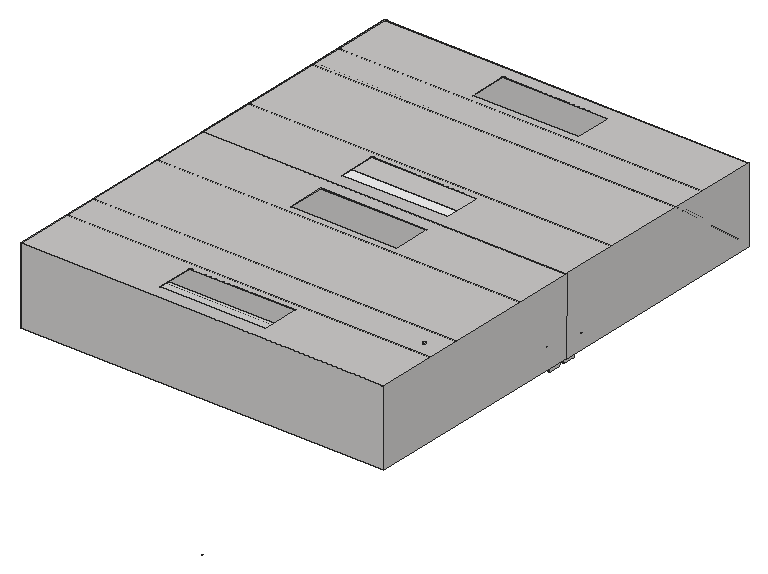
Revit family "QF_ELECTROLUXPROFESSIONAL_641394_STCF3024", category Specialty Equipment, Revit 2014
Reference planes
  plane 1 "Center (Front/Back)": y = 0
  plane 2: z = 0
  plane 3 "Center (Left/Right)": x = -200
  plane 4 "LEFT": x = -1400
  plane 5 "RIGHT": x = 1000
  plane 6 "BACK": y = 1500
  plane 7 "FRONT": y = -1500
  plane 8 "Base": z = 2000
  plane 9 "EIx": x = 880
  plane 10 "Top": z = 2500
  plane 11 "BaseHood": z = 2000
  plane 12 "EI": y = -1020
Forms (mm)
  Extrusion 1, solid, material "QF_Finishes_Stainless Steel"
    sketch origin (0, -1020, 2500) x (0, 1, 0) y (-1, 0, 0)
      loop
        circle (0, -880) r 10
    from 0 to 1.6
Dimensions and locks
  plane 4 "LEFT" to plane 5 "RIGHT" = 2400.0 mm
  equal spacing: plane 6 "BACK", plane 1 "Center (Front/Back)", plane 7 "FRONT"
  plane 6 "BACK" to plane 7 "FRONT" = 3000.0 mm  (x2)
  plane 9 "EIx" to plane 5 "RIGHT" = 120.0 mm
  plane 11 "BaseHood" to level = 2000.0 mm
  plane 10 "Top" to plane 11 "BaseHood" = 500.0 mm
  equal spacing: plane 4 "LEFT", plane 3 "Center (Left/Right)", plane 5 "RIGHT"
  plane 12 "EI" to plane 7 "FRONT" = 480.0 mm
  aligned and locked: level to plane 2
Automatic sketch dimensions
  plane 1 "Center (Front/Back)" to Extrusion 1 sketch curve = 1020.0 mm
  Extrusion 1 sketch curve to plane 9 "EIx" = 0.0 mm
  radius of Extrusion 1 sketch curve = 10.0 mm
Nested families
  nested 1: "QF_ELECTROLUXPROFESSIONAL_641260" at (-350, -550, 0), type "QF_ELECTROLUXPROFESSIONAL_641260"
  nested 2: "QF_ELECTROLUXPROFESSIONAL_641260" at (-350, 550, 0), type "QF_ELECTROLUXPROFESSIONAL_641260"
Connectors
  hvac at (-200, -1289, 2505)
    settings: on nested 1, index 1, duct flow 0.0 L/s, flow factor 0, pres drop 0.0 Pa, loss coef 0, conn angle 0.00°, conn width 250 mm, conn height 700 mm, conn diameter 609.6 mm, duct sys type 1, conn prof type 1, flow config 1, flow direction 1, loss method 0, conn ref index -1, conn util no, is conn primary yes, conn desc "AIR INLET"
  hvac at (-200, 1289, 2505)
    settings: on nested 2, index 4, duct flow 0.0 L/s, flow factor 0, pres drop 0.0 Pa, loss coef 0, conn angle 0.00°, conn width 700 mm, conn height 250 mm, conn diameter 609.6 mm, duct sys type 1, conn prof type 1, flow config 1, flow direction 1, loss method 0, conn ref index -1, conn util no, is conn primary no, conn desc "AIR INLET"
  piping at (880, 60, 1970), diameter 9.5
    settings: on nested 2, index 9, connector inside diameter 609.6 mm, connector length 0.0 mm, flow factor 0, pipe flow 0.0 L/s, pressure drop 0.0 Pa, fitting loss kfactor 0, connector angle 0.00°, fixture units 0, engagement length 0.0 mm, angle of deflection 0.00°, flow configuration 1, flow direction 2, fitting loss method 0, system type 16, joint type 0, gender type 0, connector reference index -1, connector utility 0, adjustable connector no, is connector primary yes, connector description "Drain"
  piping at (880, -60, 1970), diameter 9.5
    settings: on nested 1, index 10, connector inside diameter 609.6 mm, connector length 0.0 mm, flow factor 0, pipe flow 0.0 L/s, pressure drop 0.0 Pa, fitting loss kfactor 0, connector angle 0.00°, fixture units 0, engagement length 0.0 mm, angle of deflection 0.00°, flow configuration 1, flow direction 2, fitting loss method 0, system type 16, joint type 0, gender type 0, connector reference index -1, connector utility 0, adjustable connector no, is connector primary no, connector description "Drain"
  electrical at (880, -1020, 2501.6)
    settings: on Extrusion 1, index 11, voltage 0 V, apparent load 0 VA, apparent load phase1 0 VA, apparent load phase2 0 VA, apparent load phase3 0 VA, power factor 1, load classification "Other", number of poles 1, system type 30, power factor state 1, is connector primary yes, connector utility no, sub classification motor no, connector description "Electrical Connection"
  hvac at (-200, 211, 2499.19)
    settings: on nested 2, index 12, duct flow 0.0 L/s, flow factor 0, pres drop 0.0 Pa, loss coef 0, conn angle 0.00°, conn width 250 mm, conn height 700 mm, conn diameter 609.6 mm, duct sys type 3, conn prof type 1, flow config 1, flow direction 2, loss method 0, conn ref index -1, conn util no, is conn primary no, conn desc "EXHAUST OUTLET"
  hvac at (-200, -211, 2500)
    settings: on nested 1, index 13, duct flow 0.0 L/s, flow factor 0, pres drop 0.0 Pa, loss coef 0, conn angle 0.00°, conn width 700 mm, conn height 250 mm, conn diameter 609.6 mm, duct sys type 3, conn prof type 1, flow config 1, flow direction 2, loss method 0, conn ref index -1, conn util no, is conn primary no, conn desc "EXHAUST OUTLET"
Definition of nested family "QF_ELECTROLUXPROFESSIONAL_641260"
  Reference planes
    plane 1: z = 0
    plane 2 "Center (Left/Right)": x = 150
    plane 3 "LEFT": x = -1050
    plane 4 "RIGHT": x = 1350
    plane 5 "BACK": y = 550
    plane 6 "TOP": z = 2500
    plane 7 "Base": z = 2000
    plane 8: z = 1955
    plane 9 "DrainY": y = 490
    plane 10: x = -1047
    plane 11 "DrainX": x = 1230
    plane 12 "AOLeft2": x = 500
    plane 13: x = 1347
    plane 14: x = -850
    plane 15: x = 1150
    plane 16 "Front": y = -950
    plane 17 "AOLeft1": x = -200
    plane 18: y = -864
    plane 19: y = -614
    plane 20 "EI_y": y = -470
    plane 21 "EIx": x = 1230
    plane 22: y = 464
    plane 23: y = 214
    plane 24 "Center (Front/Back)": y = -200
  Forms (mm)
    Extrusion 1, solid, material "QF_Finishes_Stainless Steel"
      sketch origin (-1050, 0, 360) x (0, 1, 0) y (0, 0, 1)
        loop
          line (550, 1640) -> (550, 2140) -> (-950, 2140) -> (-950, 1640) -> (550, 1640)
      from 0 to 3
    Extrusion 2, solid, material "QF_Finishes_Stainless Steel"
      sketch origin (1350, 0, 360) x (0, 1, 0) y (0, 0, 1)
        loop
          line (550, 1640) -> (550, 2140) -> (-950, 2140) -> (-950, 1640) -> (550, 1640)
      from 0 to -3
    Extrusion 3, solid, material "QF_Finishes_Stainless Steel"
      sketch origin (150, 0, 360) x (0, 1, 0) y (0, 0, 1)
        loop
          line (-950, 2140) -> (-950, 1640) -> (-940, 1640) -> (-940, 1640.8) -> (-949.2, 1640.8) -> (-949.2, 2139.19) -> (549.2, 2139.19) -> (549.2, 1640.8) -> (540, 1640.8) -> (540, 1640) -> (550, 1640) -> (550, 2140) -> (-950, 2140)
      from -1200 to 1200
    Extrusion 4, solid, material "QF_Finishes_Stainless Steel"
      sketch origin (0, 0, 2000) x (0, 1, 0) y (-1, 0, 0)
        loop
          circle (490, -1230) r 4.763
      from -30 to 0
    Extrusion 5, void
      sketch origin (0, 0, 2500) x (0, 1, 0) y (-1, 0, 0)
        loop
          line (-614, -500) -> (-614, 200) -> (-864, 200) -> (-864, -500) -> (-614, -500)
      from 0 to -10
    Extrusion 6, solid, material "QF_Finishes_Stainless Steel"
      sketch origin (0, 0, 0) x (1, 0, 0) y (0, 1, 0)
        loop
          line (-1050, 550) -> (-1050, 549) -> (-1049, 549) -> (-1049, 550) -> (-1050, 550)
      from 0 to 1
    Extrusion 7, solid, material "QF_LAMPS"
      sketch origin (150, 0, 360) x (0, 1, 0) y (0, 0, 1)
        loop
          line (-572.823, 1962.324) -> (-418.948, 2086.929) -> (-427.129, 2097.032) -> (-581.003, 1972.426) -> (-572.823, 1962.324)
      from 1197 to -1197
    Sweep 8, solid, material "QF_Finishes_Stainless Steel"
      path origin (0, 0, 0) x (1, 0, 0) y (0, 1, 0)
        loop
          line (1350, 550) -> (-1050, 550) -> (-1050, -950) -> (1350, -950) -> (1350, 550)
      profile origin (1350, -200, 0) x (1, 0, 0) y (0, 0, 1)
        loop
          line (-3, 2000) -> (-3, 2000.8) -> (-19, 2000.8) -> (-19, 2010) -> (-20, 2010) -> (-20, 2000) -> (-3, 2000)
    Extrusion 9, solid, material "QF_Finishes_Stainless Steel"
      sketch origin (150, 0, 0) x (0, 1, 0) y (0, 0, 1)
        loop
          line (414.66, 2095.469) -> (440.643, 2110.471) -> (261.744, 2411.771) -> (235.948, 2396.455) -> (414.66, 2095.469)
      from -1197 to -1000
    Extrusion 10, solid, material "QF_Finishes_Stainless Steel"
      sketch origin (1230, 0, 0) x (0, 1, 0) y (0, 0, 1)
        loop
          line (539, 2000) -> (441, 2000) -> (441, 1989) -> (448.5, 1989) -> (448.5, 1965)
          arc (448.5, 1965) -> (451.429, 1957.929) -> (458.5, 1955) r 10
          line (458.5, 1955) -> (521.5, 1955)
          arc (521.5, 1955) -> (528.571, 1957.929) -> (531.5, 1965) r 10
          line (531.5, 1965) -> (531.5, 1989) -> (539, 1989) -> (539, 2000)
      from 90 to -90
    Extrusion 11, solid, material "QF_Finishes_Stainless Steel"
      sketch origin (150, 0, 0) x (0, 1, 0) y (0, 0, 1)
        loop
          line (414.66, 2095.469) -> (440.643, 2110.471) -> (261.744, 2411.771) -> (235.948, 2396.455) -> (414.66, 2095.469)
      from 1000 to 1197
    Extrusion 12, solid, material "QF_Finished_Chrome"
      sketch origin (150, 0, 0) x (0, 1, 0) y (0, 0, 1)
        loop
          line (414.66, 2095.469) -> (440.643, 2110.471) -> (261.744, 2411.771) -> (235.948, 2396.455) -> (414.66, 2095.469)
      from -1000 to 1000
    Extrusion 13, void
      sketch origin (0, 1180, 2500) x (0, 1, 0) y (-1, 0, 0)
        loop
          line (-716, -500) -> (-716, 200) -> (-966, 200) -> (-966, -500) -> (-716, -500)
      from 0 to -10
    Extrusion 14, solid, material "QF_Finishes_Stainless Steel"
      sketch origin (150, 0, 360) x (0, 1, 0) y (0, 0, 1)
        loop
          line (430.005, 1640) -> (540, 1640) -> (540, 1640.8) -> (430.467, 1640.8) -> (371.906, 1742.23) -> (414.858, 1734.657) -> (442.266, 1750.481) -> (442.266, 1765.943) -> (441.466, 1765.943) -> (441.466, 1750.943) -> (414.709, 1735.495) -> (321.153, 1751.991) -> (320.875, 1750.416) -> (371.4, 1741.507) -> (430.005, 1640)
        loop
          line (172.529, 2139.19) -> (242.893, 2017.316) -> (245.133, 2018.715) -> (240.13, 2027.381) -> (238.569, 2026.405) -> (173.453, 2139.19) -> (172.529, 2139.19)
      from -1197 to 1197
    Extrusion 15, solid, material "QF_Finishes_Stainless Steel"
      sketch origin (150, 200.8, 360) x (0, 1, 0) y (0, 0, 1)
        loop
          line (-1150, 2139.19) -> (-1150, 1640) -> (-1086.602, 1640) -> (-999.146, 1690.493) -> (-1010.058, 1709.394) -> (-1066.564, 1676.77) -> (-1114.704, 1680.982) -> (-1149.2, 1730.248) -> (-1149.2, 2139.19) -> (-1150, 2139.19)
        loop
          line (-773.6, 1961.694) -> (-781.937, 1971.99) -> (-769.095, 1982.182) -> (-769.095, 2139.19) -> (-769.895, 2139.19) -> (-769.895, 1982.569) -> (-1082.298, 1734.63) -> (-1071.091, 1720.79) -> (-773.6, 1961.694)
        loop
          line (-627.61, 2099.216) -> (-618.171, 2087.559) -> (-554.411, 2139.19) -> (-555.682, 2139.19) -> (-618.052, 2088.684) -> (-626.989, 2099.719) -> (-627.61, 2099.216)
      from -1197 to 1197
  Cuts and joins
    Extrusion 5, Extrusion 13 cuts Extrusion 3
    joined: Extrusion 2, Extrusion 3, Sweep 8
  Lines and regions (mm)
    symbolic lines, style "SpecialityEquipment", detail levels coarse
      curve 1: line (1350, 550, 2500) -> (-1050, 550, 2500)
      curve 2: line (-1050, 550, 2500) -> (-1050, -950, 2500)
      curve 3: line (1350, -950, 2500) -> (1350, 550, 2500)
      curve 4: line (-1050, 550, 0) -> (1350, -950, 0)
      curve 5: line (1350, 550, 0) -> (-1050, -950, 0)
      curve 6: line (-1050, -950, 0) -> (1350, -950, 0)
    symbolic lines, detail levels coarse
      curve 7: line (-200, 214, 2500) -> (500, 214, 2500)
      curve 8: line (-200, 464, 2500) -> (-200, 214, 2500)
      curve 9: line (500, 464, 2500) -> (-200, 464, 2500)
      curve 10: line (500, 214, 2500) -> (500, 464, 2500)
    symbolic lines
      curve 11: line (-200, -614, 0) -> (500, -614, 0)
      curve 12: line (-200, -864, 0) -> (-200, -614, 0)
      curve 13: line (500, -864, 0) -> (-200, -864, 0)
      curve 14: line (500, -614, 0) -> (500, -864, 0)
  Dimensions and locks
    plane 3 "LEFT" to plane 4 "RIGHT" = 2400.0 mm
    equal spacing: plane 3 "LEFT", plane 2 "Center (Left/Right)", plane 4 "RIGHT"
    plane 7 "Base" to plane 8 = 45.0 mm
    plane 5 "BACK" to plane 9 "DrainY" = 60.0 mm  (x2)
    plane 3 "LEFT" to plane 10 = 3.0 mm
    plane 11 "DrainX" to plane 4 "RIGHT" = 120.0 mm
    plane 13 to plane 4 "RIGHT" = 3.0 mm
    plane 3 "LEFT" to plane 14 = 200.0 mm
    plane 15 to plane 4 "RIGHT" = 200.0 mm
    locked: plane 7 "Base" to level at 2000
    locked: plane 6 "TOP" to plane 7 "Base" at 500
    locked: plane 17 "AOLeft1" to plane 12 "AOLeft2" at 700
    locked: plane 19 to plane 18 at 250
    locked: plane 18 to plane 16 "Front" at 86
    locked: plane 20 "EI_y" to plane 16 "Front" at 480
    locked: plane 21 "EIx" to plane 4 "RIGHT" at 120
    locked: plane 5 "BACK" to plane 16 "Front" at 1500
    plane 5 "BACK" to plane 16 "Front" = 1500.0 mm
    equal spacing: plane 17 "AOLeft1", plane 2 "Center (Left/Right)", plane 12 "AOLeft2"
    locked: plane 23 to plane 22 at 250
    equal spacing: plane 5 "BACK", plane 24 "Center (Front/Back)", plane 16 "Front"
    plane 5 "BACK" to plane 22 = 86.0 mm
    aligned and locked: level to plane 1
    aligned and locked: plane 4 "RIGHT" to Extrusion 3
    aligned and locked: Extrusion 3 to plane 3 "LEFT"
    aligned and locked: Extrusion 2 to plane 13
    aligned and locked: Extrusion 9 to plane 10
    aligned and locked: Extrusion 5 to plane 17 "AOLeft1"
    aligned and locked: Extrusion 5 to plane 12 "AOLeft2"
    aligned and locked: plane 14 to Extrusion 9
    aligned and locked: plane 15 to Extrusion 11
    aligned and locked: plane 13 to Extrusion 11
    aligned and locked: Extrusion 12 to plane 14
    aligned and locked: Extrusion 12 to plane 15
    aligned and locked: plane 13 to Extrusion 7
    aligned and locked: Extrusion 7 to plane 10
    aligned and locked: Extrusion 13 to plane 17 "AOLeft1"
    aligned and locked: Extrusion 13 to plane 12 "AOLeft2"
    aligned and locked: Extrusion 14 to plane 10
    aligned and locked: plane 13 to Extrusion 14
    aligned and locked: Extrusion 5 to plane 18
    aligned and locked: plane 19 to Extrusion 5
    aligned and locked: Extrusion 15 to plane 10
    aligned and locked: plane 13 to Extrusion 15
    aligned and locked: cut or joined group of Extrusion 2, Extrusion 3, Extrusion 5, Sweep 8, Extrusion 13 to plane 22
    aligned and locked: curve 9 to cut or joined group of Extrusion 2, Extrusion 3, Extrusion 5, Sweep 8, Extrusion 13
    aligned and locked: plane 23 to cut or joined group of Extrusion 2, Extrusion 3, Extrusion 5, Sweep 8, Extrusion 13
    aligned and locked: curve 7 to cut or joined group of Extrusion 2, Extrusion 3, Extrusion 5, Sweep 8, Extrusion 13
  Automatic sketch dimensions
    Extrusion 4 sketch curve to plane 9 "DrainY" = 0.0 mm
    Extrusion 4 sketch curve to plane 11 "DrainX" = 0.0 mm
    Extrusion 9 sketch curve to plane 9 "DrainY" = 75.34 mm
    Extrusion 9 sketch curve to Extrusion 9 sketch curve = 25.983 mm
    plane 7 "Base" to Extrusion 9 sketch curve = 95.469 mm
    Extrusion 9 sketch curve to Extrusion 9 sketch curve = 15.001 mm
    Extrusion 9 sketch curve to plane 6 "TOP" = 103.545 mm
    Extrusion 9 sketch curve to Extrusion 9 sketch curve = 15.316 mm
    Extrusion 11 sketch curve to plane 9 "DrainY" = 75.34 mm
    Extrusion 11 sketch curve to Extrusion 11 sketch curve = 25.983 mm
    plane 7 "Base" to Extrusion 11 sketch curve = 95.469 mm
    Extrusion 11 sketch curve to Extrusion 11 sketch curve = 15.001 mm
    Extrusion 11 sketch curve to plane 6 "TOP" = 103.545 mm
    Extrusion 11 sketch curve to Extrusion 11 sketch curve = 15.316 mm
    Extrusion 12 sketch curve to plane 9 "DrainY" = 75.34 mm
    Extrusion 12 sketch curve to Extrusion 12 sketch curve = 25.983 mm
    plane 7 "Base" to Extrusion 12 sketch curve = 95.469 mm
    Extrusion 12 sketch curve to Extrusion 12 sketch curve = 15.001 mm
    Extrusion 12 sketch curve to plane 6 "TOP" = 103.545 mm
    Extrusion 12 sketch curve to Extrusion 12 sketch curve = 15.316 mm
    Extrusion 14 sketch curve to plane 7 "Base" = 0.0 mm
    Extrusion 14 sketch curve to plane 6 "TOP" = 0.81 mm
    Extrusion 14 sketch curve to Extrusion 14 sketch curve = 0.924 mm
    Extrusion 14 sketch curve to Extrusion 14 sketch curve = 2.24 mm
    Extrusion 14 sketch curve to Extrusion 14 sketch curve = 0.278 mm
    Extrusion 14 sketch curve to Extrusion 14 sketch curve = 50.525 mm
    Extrusion 14 sketch curve to Extrusion 14 sketch curve = 0.506 mm
    Extrusion 14 sketch curve to Extrusion 14 sketch curve = 42.803 mm
    Extrusion 14 sketch curve to Extrusion 14 sketch curve = 0.148 mm
    Extrusion 14 sketch curve to plane 9 "DrainY" = 59.995 mm
    plane 7 "Base" to Extrusion 14 sketch curve = 0.8 mm
    Extrusion 14 sketch curve to Extrusion 14 sketch curve = 0.462 mm  (x2)
    Extrusion 14 sketch curve to Extrusion 14 sketch curve = 109.533 mm
    Extrusion 14 sketch curve to Extrusion 14 sketch curve = 26.757 mm
    Extrusion 14 sketch curve to Extrusion 14 sketch curve = 0.8 mm
    plane 7 "Base" to Extrusion 14 sketch curve = 94.657 mm
    Extrusion 14 sketch curve to Extrusion 14 sketch curve = 0.838 mm
    Extrusion 14 sketch curve to Extrusion 14 sketch curve = 6.012 mm
    Extrusion 14 sketch curve to Extrusion 14 sketch curve = 0.723 mm
    Extrusion 14 sketch curve to Extrusion 14 sketch curve = 14.986 mm
    Extrusion 14 sketch curve to Extrusion 14 sketch curve = 15.0 mm
    Extrusion 14 sketch curve to plane 6 "TOP" = 122.684 mm
    Extrusion 14 sketch curve to Extrusion 14 sketch curve = 1.399 mm
    Extrusion 14 sketch curve to Extrusion 14 sketch curve = 9.089 mm
    Extrusion 14 sketch curve to Extrusion 14 sketch curve = 0.975 mm
    Extrusion 9 sketch curve to plane 9 "DrainY" = 228.256 mm
    Extrusion 9 sketch curve to Extrusion 9 sketch curve = 25.795 mm
    Extrusion 11 sketch curve to plane 9 "DrainY" = 228.256 mm
    Extrusion 11 sketch curve to Extrusion 11 sketch curve = 25.795 mm
    Extrusion 12 sketch curve to plane 9 "DrainY" = 228.256 mm
    Extrusion 12 sketch curve to Extrusion 12 sketch curve = 25.795 mm
    Extrusion 14 sketch curve to plane 9 "DrainY" = 75.142 mm
    Extrusion 14 sketch curve to plane 9 "DrainY" = 244.867 mm
    Extrusion 14 sketch curve to Extrusion 14 sketch curve = 5.003 mm
    Extrusion 14 sketch curve to Extrusion 14 sketch curve = 1.561 mm
    Extrusion 14 sketch curve to Extrusion 14 sketch curve = 66.677 mm
    curve 6 to plane 3 "LEFT" = 0.0 mm
    curve 4 to plane 3 "LEFT" = 0.0 mm
    curve 13 to plane 17 "AOLeft1" = 0.0 mm
    curve 14 to plane 12 "AOLeft2" = 0.0 mm
    curve 4 to plane 4 "RIGHT" = 0.0 mm
    curve 5 to plane 4 "RIGHT" = 0.0 mm
    curve 4 to plane 16 "Front" = 0.0 mm
    curve 13 to plane 18 = 0.0 mm
    curve 12 to plane 19 = 0.0 mm
    curve 4 to plane 5 "BACK" = 0.0 mm
    curve 5 to plane 5 "BACK" = 0.0 mm
    curve 2 to plane 3 "LEFT" = 0.0 mm
    curve 2 to plane 16 "Front" = 0.0 mm
    curve 3 to plane 4 "RIGHT" = 0.0 mm
    curve 3 to plane 16 "Front" = 0.0 mm
    curve 7 to plane 17 "AOLeft1" = 0.0 mm
    curve 10 to plane 12 "AOLeft2" = 0.0 mm
    curve 2 to plane 5 "BACK" = 0.0 mm
    Extrusion 1 sketch curve to plane 7 "Base" = 0.0 mm
    Extrusion 1 sketch curve to plane 16 "Front" = 0.0 mm
    Extrusion 1 sketch curve to plane 5 "BACK" = 0.0 mm
    Extrusion 1 sketch curve to plane 6 "TOP" = 0.0 mm
    Extrusion 2 sketch curve to plane 7 "Base" = 0.0 mm
    Extrusion 2 sketch curve to plane 16 "Front" = 0.0 mm
    Extrusion 2 sketch curve to plane 5 "BACK" = 0.0 mm
    Extrusion 2 sketch curve to plane 6 "TOP" = 0.0 mm
    Extrusion 3 sketch curve to plane 6 "TOP" = 0.0 mm
    Extrusion 3 sketch curve to plane 16 "Front" = 0.0 mm
    Extrusion 3 sketch curve to plane 7 "Base" = 0.0 mm  (x2)
    Extrusion 3 sketch curve to plane 5 "BACK" = 0.0 mm
    plane 16 "Front" to Extrusion 3 sketch curve = 0.8 mm
    Extrusion 3 sketch curve to Extrusion 3 sketch curve = 9.2 mm
    plane 7 "Base" to Extrusion 3 sketch curve = 0.8 mm  (x2)
    Extrusion 3 sketch curve to plane 5 "BACK" = 10.0 mm
    Extrusion 3 sketch curve to plane 5 "BACK" = 0.8 mm
    Extrusion 3 sketch curve to plane 6 "TOP" = 0.81 mm
    Extrusion 5 sketch curve to plane 12 "AOLeft2" = 0.0 mm
    Extrusion 5 sketch curve to plane 18 = 0.0 mm
    Extrusion 5 sketch curve to plane 19 = 0.0 mm
    Extrusion 5 sketch curve to plane 17 "AOLeft1" = 0.0 mm
    Extrusion 6 sketch curve to plane 3 "LEFT" = 0.0 mm
    Extrusion 6 sketch curve to plane 5 "BACK" = 0.0 mm
    plane 3 "LEFT" to Extrusion 6 sketch curve = 1.0 mm
    Extrusion 6 sketch curve to Extrusion 6 sketch curve = 1.0 mm
    plane 19 to Extrusion 7 sketch curve = 32.997 mm
    Extrusion 7 sketch curve to Extrusion 7 sketch curve = 8.181 mm  (x2)
    plane 20 "EI_y" to Extrusion 7 sketch curve = 42.871 mm
    Extrusion 7 sketch curve to plane 6 "TOP" = 177.676 mm
    Extrusion 7 sketch curve to Extrusion 7 sketch curve = 10.102 mm
    Extrusion 7 sketch curve to plane 6 "TOP" = 53.071 mm
    Extrusion 7 sketch curve to Extrusion 7 sketch curve = 10.103 mm
    Sweep 8 sketch curve to plane 3 "LEFT" = 0.0 mm
    Sweep 8 sketch curve to plane 4 "RIGHT" = 0.0 mm
    Sweep 8 sketch curve to plane 16 "Front" = 0.0 mm
    Sweep 8 sketch curve to plane 5 "BACK" = 0.0 mm
    profile plane to Sweep 8 sketch curve = 20.0 mm
    Sweep 8 sketch curve to Sweep 8 sketch curve = 1.0 mm
    profile plane to Sweep 8 sketch curve = 3.0 mm
    level to Sweep 8 sketch curve = 2000.0 mm
    Sweep 8 sketch curve to Sweep 8 sketch curve = 0.8 mm
    Sweep 8 sketch curve to Sweep 8 sketch curve = 9.2 mm
    Extrusion 10 sketch curve to plane 7 "Base" = 0.0 mm
    Extrusion 10 sketch curve to plane 8 = 0.0 mm
    Extrusion 10 sketch curve to plane 7 "Base" = 11.0 mm  (x2)
    plane 22 to Extrusion 10 sketch curve = 23.0 mm
    Extrusion 10 sketch curve to Extrusion 10 sketch curve = 7.5 mm  (x2)
    plane 22 to Extrusion 10 sketch curve = 5.5 mm
    Extrusion 10 sketch curve to plane 5 "BACK" = 28.5 mm
    Extrusion 10 sketch curve to plane 5 "BACK" = 18.5 mm
    Extrusion 13 sketch curve to plane 12 "AOLeft2" = 0.0 mm
    Extrusion 13 sketch curve to plane 17 "AOLeft1" = 0.0 mm
    Extrusion 13 sketch curve to plane 9 "DrainY" = 26.0 mm
    Extrusion 13 sketch curve to plane 23 = 0.0 mm
    Extrusion 15 sketch curve to plane 7 "Base" = 0.0 mm
    plane 16 "Front" to Extrusion 15 sketch curve = 0.8 mm
    Extrusion 15 sketch curve to Extrusion 15 sketch curve = 0.8 mm  (x2)
    plane 16 "Front" to Extrusion 15 sketch curve = 36.096 mm
    Extrusion 15 sketch curve to plane 18 = 21.802 mm
    Extrusion 15 sketch curve to plane 18 = 17.498 mm
    Extrusion 15 sketch curve to plane 18 = 6.291 mm
    Extrusion 15 sketch curve to plane 18 = 1.764 mm
    plane 18 to Extrusion 15 sketch curve = 54.742 mm
    Extrusion 15 sketch curve to Extrusion 15 sketch curve = 10.912 mm
    plane 19 to Extrusion 15 sketch curve = 32.863 mm
    Extrusion 15 sketch curve to Extrusion 15 sketch curve = 8.337 mm
    Extrusion 15 sketch curve to Extrusion 15 sketch curve = 12.042 mm
    plane 20 "EI_y" to Extrusion 15 sketch curve = 43.19 mm
    Extrusion 15 sketch curve to Extrusion 15 sketch curve = 0.622 mm
    Extrusion 15 sketch curve to Extrusion 15 sketch curve = 9.44 mm
    Extrusion 15 sketch curve to Extrusion 15 sketch curve = 0.118 mm
    Extrusion 15 sketch curve to plane 6 "TOP" = 0.81 mm  (x3)
    Extrusion 15 sketch curve to Extrusion 15 sketch curve = 62.37 mm
    Extrusion 15 sketch curve to Extrusion 15 sketch curve = 1.271 mm
    plane 7 "Base" to Extrusion 15 sketch curve = 36.77 mm
    plane 7 "Base" to Extrusion 15 sketch curve = 40.982 mm
    plane 7 "Base" to Extrusion 15 sketch curve = 50.493 mm
    Extrusion 15 sketch curve to Extrusion 15 sketch curve = 18.901 mm
    Extrusion 15 sketch curve to Extrusion 15 sketch curve = 44.02 mm
    Extrusion 15 sketch curve to Extrusion 15 sketch curve = 49.266 mm
    Extrusion 15 sketch curve to Extrusion 15 sketch curve = 13.84 mm
    Extrusion 15 sketch curve to plane 6 "TOP" = 178.306 mm
    Extrusion 15 sketch curve to Extrusion 15 sketch curve = 10.296 mm
    Extrusion 15 sketch curve to Extrusion 15 sketch curve = 10.192 mm
    Extrusion 15 sketch curve to Extrusion 15 sketch curve = 0.386 mm
    Extrusion 15 sketch curve to plane 6 "TOP" = 52.441 mm
    Extrusion 15 sketch curve to Extrusion 15 sketch curve = 1.125 mm
    radius of Extrusion 4 sketch curve = 4.763 mm
